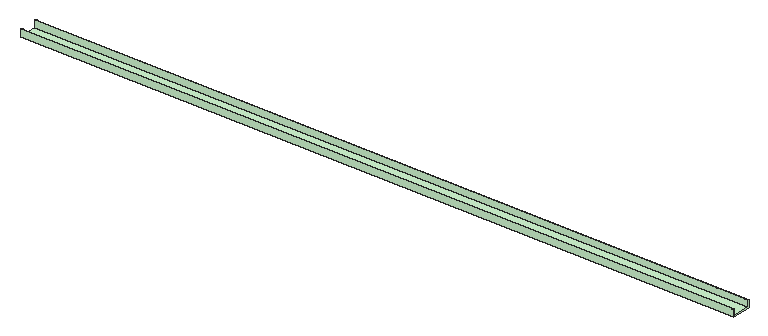
Revit family "高耐力ランナー105×40×2.3", category 機械設備, Revit 2020
Family settings
  丸型コネクタ寸法 = 直径を使用
  パーツ タイプ = 標準
  OmniClass 番号 = 23.75.00.00
  OmniClass タイトル = Climate Control (HVAC)
  作業面ベース = いいえ
  常に垂直 = はい
  ロード時にボイドで切り取り = いいえ
  共有 = いいえ
  部屋計算ポイント = いいえ
Parameters
  製造元 = "株式会社桐井製作所"
  既定の高さ = 0 mm
  URL = "https://www.kirii.co.jp/"
  K_長さ(mm) [instance] = 4000 mm
  K_外形寸法(mm) = "[-105×40×2.3"
  K_品名 = "高耐力ランナー"
  K_名称 = "ランナー"
  K_バージョン情報 = "20210714"
Reference planes
  plane 1 "中心(正面/背面)": y = 0
  plane 2: z = 0
  plane 3 "中心(左/右)": x = 0
  plane 4: x = 4000
  plane 5: z = 40
Forms (mm)
  Extrusion 1, solid
    sketch origin (0, -32.295, -46.342) x (0, 1, 0) y (0, 0, 1)
      loop
        line (82.295, 86.342) -> (79.995, 86.342) -> (79.995, 48.642) -> (-20.405, 48.642) -> (-20.405, 86.342) -> (-22.705, 86.342) -> (-22.705, 46.342) -> (82.295, 46.342) -> (82.295, 86.342)
    from 0 to 4000
Dimensions and locks
  "K_長さ(mm)": plane 4 to plane 3 "中心(左/右)"
  aligned and locked: level to plane 2
  aligned and locked: plane 4 to Extrusion 1
Automatic sketch dimensions
  Extrusion 1 sketch curve to level = 0 mm
  plane 1 "中心(正面/背面)" to Extrusion 1 sketch curve = 55 mm
  Extrusion 1 sketch curve to Extrusion 1 sketch curve = 2.3 mm  (x2)
  level to Extrusion 1 sketch curve = 2.3 mm
  Extrusion 1 sketch curve to plane 1 "中心(正面/背面)" = 47.7 mm
  Extrusion 1 sketch curve to Extrusion 1 sketch curve = 37.7 mm  (x2)
